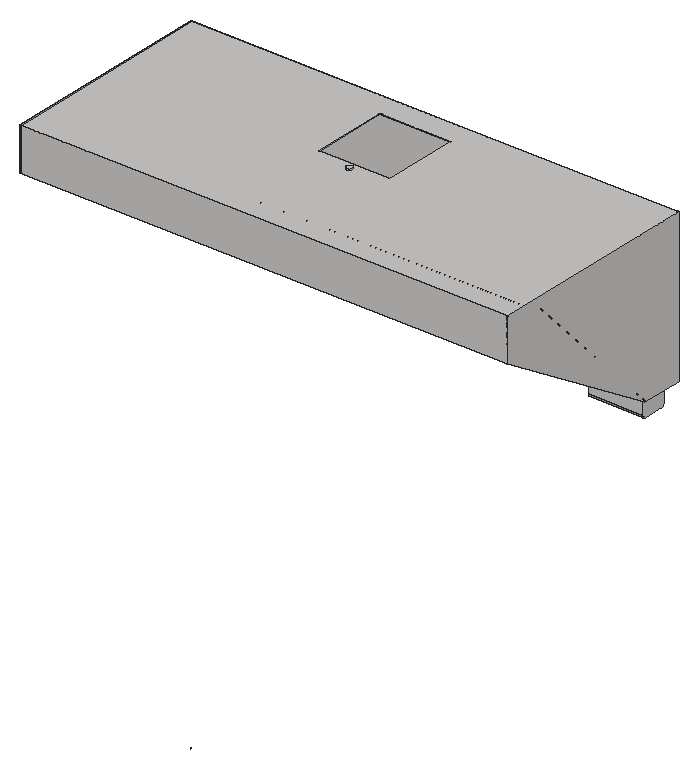
Revit family "QF_ELECTROLUXPROFESSIONAL_644179_AMPV716BT", category Attrezzature speciali, Revit 2021
Family settings
  Quota connettore circolare = Usa diametro
  Tipo di parte = Normale
  Basato su piano di lavoro = No
  Sempre verticale = Sì
  Taglio con vuoti quando caricato = No
  Condiviso = No
  Punto di calcolo locali = No
Parameters (values of type "Standard")
  Weight = 43.00 kg
  Watts = 300 W
  Volts = 220 V
  URL Manufacturer = "https://www.electroluxprofessional.com/"
  URL = "https://www.electroluxprofessional.com/"
  Steam Supply Size = 0 mm
  Steam Supply Minimum Pressure = 0.0 Pa
  Steam Supply Maximum Pressure = 0.0 Pa
  Steam Consumption per Hour = 0
  Refrigeration Suction Line Size = 0 mm
  Refrigeration Liquid Line Size = 0 mm
  Refrigerant Compressor Remote = yes
  Prospetto di default = 0 mm
  Produttore = "Electrolux Professional"
  Phase = 1
  Modello = "AMPV716BT"
  Length Actual = 1600 mm  # constant formula
  Item Number = "644179"
  Hot Water Size = 0 mm
  Height Actual = 500 mm  # constant formula
  HP = "0.4 HP"
  Gas Size = 0 mm
  Gas KW = 0
  Gas Input Pressure = 0 W
  Direct Waste Size = 0 mm
  Descrizione = "430 S/S WALL HOOD+FILTERS+FAN 1600X700MM"
  Depth Actual = 700 mm  # constant formula
  Cycle = 50 Hz
  Condensate Return Size = 0 mm
  Compressed Air Volume = 0.0 L/s
  Compressed Air Size = 0 mm
  Compressed Air Pressure = 0.0 Pa
  Cold Water Size = 0 mm
  Accessory = yes
Reference planes
  plane 1: z = 0
  plane 2 "Center (Left/Right)": x = 150
  plane 3 "LEFT": x = -650
  plane 4 "RIGHT": x = 950
  plane 5 "BACK": y = 550
  plane 6 "Plane": z = 2000
  plane 7 "TOP": z = 2140
  plane 8 "Base": z = 1640
  plane 9: z = 1566
  plane 10 "DrainY": y = 485
  plane 11: x = -647
  plane 12: through (0, 414.509, 1640.8) normal (0, 0.7314, 0.682)
  plane 13: y = 470
  plane 14: y = 220
  plane 15 "DrainX": x = 830
  plane 16: x = 33.5
  plane 17: x = 266.5
  plane 18: x = 947
  plane 19: x = 740
  plane 20: x = 920
  plane 21: x = -450
  plane 22: x = 750
  plane 23: x = -47.5
  plane 24: x = 347.5
  plane 25 "FRONT": y = -150
  plane 26 "Center (Front/Back)": y = 200
Forms (mm)
  Extrusion 1, solid, material "QF_Finishes_Stainless Steel"
    sketch origin (-650, 0, 0) x (0, 1, 0) y (0, 0, 1)
      loop
        line (550, 1640) -> (550, 2140) -> (-150, 2140) -> (-150, 1998.603) -> (413.973, 1640) -> (550, 1640)
    from 0 to 3
  Extrusion 2, solid, material "QF_Finishes_Stainless Steel"
    sketch origin (150, 0, 0) x (0, 1, 0) y (0, 0, 1)
      loop
        line (415.255, 1640) -> (550, 1640) -> (550, 2139.19) -> (549.2, 2139.19) -> (549.2, 1640.8) -> (415.876, 1640.8) -> (339.347, 1722.867) -> (349.609, 1732.436) -> (348.927, 1733.167) -> (337.934, 1722.917) -> (415.255, 1640)
      loop
        line (-82.203, 2139.19) -> (-82.203, 2118.6) -> (-31.047, 2118.6) -> (34.354, 2048.466) -> (46.028, 2059.352) -> (45.346, 2060.083) -> (34.403, 2049.879) -> (-30.612, 2119.6) -> (-81.203, 2119.6) -> (-81.203, 2139.19) -> (-82.203, 2139.19)
    from -797 to 797
  Extrusion 3, solid, material "QF_Finishes_Stainless Steel"
    sketch origin (950, 0, 0) x (0, 1, 0) y (0, 0, 1)
      loop
        line (550, 1640) -> (550, 2140) -> (-150, 2140) -> (-150, 1998.603) -> (413.973, 1640) -> (550, 1640)
    from 0 to -3
  Extrusion 4, solid, material "QF_Finishes_Stainless Steel"
    sketch origin (150, 0, 0) x (0, 1, 0) y (0, 0, 1)
      loop
        line (-150, 2140) -> (-150, 2000) -> (-149.2, 2000) -> (-149.2, 2139.19) -> (550, 2139.19) -> (550, 2140) -> (-150, 2140)
    from -800 to 800
  Extrusion 5, solid, material "QF_Finishes_Stainless Steel"
    sketch origin (150, 0, 0) x (0, 1, 0) y (0, 0, 1)
      loop
        line (534, 1640) -> (436, 1640) -> (436, 1627) -> (443.5, 1627) -> (443.5, 1576)
        arc (443.5, 1576) -> (446.429, 1568.929) -> (453.5, 1566) r 10
        line (453.5, 1566) -> (516.5, 1566)
        arc (516.5, 1566) -> (523.571, 1568.929) -> (526.5, 1576) r 10
        line (526.5, 1576) -> (526.5, 1627) -> (534, 1627) -> (534, 1640)
    from 590 to 770
  Extrusion 6, solid, material "QF_Finishes_Stainless Steel"
    sketch origin (0, 0, 1640) x (0, 1, 0) y (-1, 0, 0)
      loop
        circle (485, -830) r 20
    from -76 to -74
  Extrusion 7, solid, material "QF_Finished_Chrome"
    sketch origin (150, 0, 0) x (0, 1, 0) y (0, 0, 1)
      loop
        line (337.934, 1722.917) -> (341.591, 1726.327) -> (38.011, 2051.876) -> (34.354, 2048.466) -> (337.934, 1722.917)
    from -197.5 to -600
  Extrusion 8, solid, material "QF_Finishes_Stainless Steel"
    sketch origin (150, 0, 0) x (0, 1, 0) y (0, 0, 1)
      loop
        line (337.934, 1722.917) -> (341.591, 1726.327) -> (38.011, 2051.876) -> (34.354, 2048.466) -> (337.934, 1722.917)
    from 797 to 600
  Extrusion 9, solid, material "QF_Finished_Chrome"
    sketch origin (150, 0, 0) x (0, 1, 0) y (0, 0, 1)
      loop
        line (341.588, 1726.324) -> (38.009, 2051.874) -> (34.354, 2048.466) -> (337.934, 1722.917) -> (341.588, 1726.324)
    from 197.5 to 600
  Extrusion 10, void
    sketch origin (0, 0, 2140) x (0, 1, 0) y (-1, 0, 0)
      loop
        line (470, -266.5) -> (470, -33.5) -> (220, -33.5) -> (220, -266.5) -> (470, -266.5)
    from 0 to -10
  Extrusion 11, solid, material "QF_Finishes_Stainless Steel"
    sketch origin (0, 0, 0) x (1, 0, 0) y (0, 1, 0)
      loop
        line (-650, 550) -> (-650, 549) -> (-649, 549) -> (-649, 550) -> (-650, 550)
    from 0 to 1
  Extrusion 12, solid, material "QF_Finishes_Stainless Steel"
    sketch origin (150, 0, 0) x (0, 1, 0) y (0, 0, 1)
      loop
        line (337.934, 1722.917) -> (341.591, 1726.327) -> (38.011, 2051.876) -> (34.354, 2048.466) -> (337.934, 1722.917)
    from -600 to -797
  Extrusion 13, solid, material "QF_Finishes_Stainless Steel"
    sketch origin (150, 0, 0) x (0, 1, 0) y (0, 0, 1)
      loop
        line (337.934, 1722.917) -> (341.591, 1726.327) -> (38.011, 2051.876) -> (34.354, 2048.466) -> (337.934, 1722.917)
    from 197.5 to -197.5
  Extrusion 14, solid, material "QF_Finishes_Stainless Steel"
    sketch origin (0, 0, 2140) x (0, 1, 0) y (-1, 0, 0)
      loop
        circle (200, -150) r 10
    from 0 to 2
Cuts and joins
  Extrusion 10 cuts Extrusion 4
  joined: Extrusion 2, Extrusion 4
Lines and regions (mm)
  reference lines
    curve 1: line (150, 34.354, 2048.466) -> (150, 34.354, 1888.466)
  symbolic lines, style "SpecialityEquipment", detail levels coarse
    curve 2: line (950, 550, 2140) -> (-650, 550, 2140)
    curve 3: line (-650, 550, 2140) -> (-650, -150, 2140)
    curve 4: line (950, -150, 2140) -> (950, 550, 2140)
    curve 5: line (-650, -150, 2140) -> (950, -150, 2140)
    curve 6: line (266.5, 220, 2140) -> (33.5, 220, 2140)
    curve 7: line (266.5, 470, 2140) -> (266.5, 220, 2140)
    curve 8: line (33.5, 470, 2140) -> (266.5, 470, 2140)
    curve 9: line (33.5, 220, 2140) -> (33.5, 470, 2140)
    curve 10: line (-650, -150, 2140) -> (950, 550, 2140)
    curve 11: line (-650, 550, 2140) -> (950, -150, 2140)
Dimensions and locks
  plane 3 "LEFT" to plane 4 "RIGHT" = 1600 mm
  equal spacing: plane 3 "LEFT", plane 2 "Center (Left/Right)", plane 4 "RIGHT"
  locked: plane 6 "Plane" to level at 2000
  plane 7 "TOP" to plane 6 "Plane" = 140 mm
  locked: plane 7 "TOP" to plane 8 "Base" at 500
  plane 8 "Base" to plane 9 = 74 mm
  plane 5 "BACK" to plane 10 "DrainY" = 65 mm  (x2)
  plane 3 "LEFT" to plane 11 = 3 mm
  plane 5 "BACK" to plane 13 = 80 mm
  plane 13 to plane 14 = 250 mm  (x2)
  plane 15 "DrainX" to plane 4 "RIGHT" = 120 mm
  plane 18 to plane 4 "RIGHT" = 3 mm
  locked: plane 19 to plane 15 "DrainX" at 90
  locked: plane 15 "DrainX" to plane 20 at 90
  plane 13 to plane 5 "BACK" = 80 mm
  plane 3 "LEFT" to plane 21 = 200 mm
  plane 22 to plane 4 "RIGHT" = 200 mm
  locked: plane 23 to plane 24 at 395
  equal spacing: plane 23, plane 2 "Center (Left/Right)", plane 24
  locked: plane 16 to plane 17 at 233
  equal spacing: plane 16, plane 2 "Center (Left/Right)", plane 17
  locked: plane 5 "BACK" to plane 25 "FRONT" at 700
  equal spacing: plane 5 "BACK", plane 26 "Center (Front/Back)", plane 25 "FRONT"
  plane 5 "BACK" to plane 25 "FRONT" = 700 mm
  aligned and locked: level to plane 1
  aligned and locked: Extrusion 2 to Extrusion 1
  aligned and locked: Extrusion 2 to Extrusion 3
  aligned and locked: plane 4 "RIGHT" to Extrusion 4
  aligned and locked: Extrusion 4 to plane 3 "LEFT"
  aligned and locked: plane 18 to Extrusion 8
  aligned and locked: Extrusion 10 to plane 16
  aligned and locked: Extrusion 10 to plane 14
  aligned and locked: Extrusion 10 to plane 13
  aligned and locked: Extrusion 2 to Extrusion 4
  aligned and locked: plane 20 to Extrusion 5
  aligned and locked: Extrusion 5 to plane 19
  aligned and locked: Extrusion 8 to plane 22
  aligned and locked: Extrusion 9 to plane 22
  aligned and locked: Extrusion 7 to plane 21
  aligned and locked: Extrusion 12 to plane 11
  aligned and locked: plane 21 to Extrusion 12
  aligned and locked: Extrusion 3 to plane 18
  aligned and locked: Extrusion 10 to plane 17
  aligned and locked: plane 17 to curve 7
  aligned and locked: plane 24 to Extrusion 13
  aligned and locked: Extrusion 13 to plane 23
  aligned and locked: Extrusion 9 to plane 24
Automatic sketch dimensions
  Extrusion 1 sketch curve to plane 8 "Base" = 0 mm
  Extrusion 1 sketch curve to plane 5 "BACK" = 0 mm
  Extrusion 1 sketch curve to plane 7 "TOP" = 0 mm
  plane 13 to Extrusion 1 sketch curve = 56.027 mm
  Extrusion 1 sketch curve to plane 6 "Plane" = 1.397 mm
  Extrusion 2 sketch curve to plane 12 = 0 mm  (x3)
  Extrusion 2 sketch curve to plane 8 "Base" = 0 mm
  plane 12 to Extrusion 2 sketch curve = 0 mm
  Extrusion 2 sketch curve to plane 5 "BACK" = 0 mm
  Extrusion 2 sketch curve to Extrusion 2 sketch curve = 65.646 mm
  Extrusion 2 sketch curve to Extrusion 2 sketch curve = 0.682 mm  (x2)
  Extrusion 2 sketch curve to Extrusion 2 sketch curve = 10.261 mm
  plane 8 "Base" to Extrusion 2 sketch curve = 82.917 mm
  Extrusion 2 sketch curve to Extrusion 2 sketch curve = 10.942 mm
  Extrusion 2 sketch curve to Extrusion 2 sketch curve = 0.049 mm
  Extrusion 2 sketch curve to plane 7 "TOP" = 20.4 mm
  Extrusion 2 sketch curve to plane 7 "TOP" = 21.4 mm
  Extrusion 2 sketch curve to plane 7 "TOP" = 0.81 mm  (x2)
  Extrusion 2 sketch curve to Extrusion 2 sketch curve = 50.156 mm
  Extrusion 2 sketch curve to Extrusion 2 sketch curve = 1 mm
  plane 8 "Base" to Extrusion 2 sketch curve = 0.8 mm
  Extrusion 2 sketch curve to plane 5 "BACK" = 0.8 mm
  Extrusion 4 sketch curve to plane 6 "Plane" = 0 mm
  Extrusion 4 sketch curve to plane 5 "BACK" = 0 mm
  Extrusion 4 sketch curve to plane 7 "TOP" = 0 mm
  Extrusion 4 sketch curve to plane 7 "TOP" = 0.81 mm
  curve 1 to plane 12 = 0 mm
  curve 1 to plane 6 "Plane" = 111.534 mm
  Extrusion 5 sketch curve to plane 8 "Base" = 0 mm
  Extrusion 5 sketch curve to plane 9 = 0 mm
  Extrusion 5 sketch curve to plane 8 "Base" = 13 mm  (x2)
  plane 13 to Extrusion 5 sketch curve = 34 mm
  Extrusion 5 sketch curve to Extrusion 5 sketch curve = 7.5 mm  (x2)
  Extrusion 5 sketch curve to Extrusion 5 sketch curve = 10 mm
  plane 10 "DrainY" to Extrusion 5 sketch curve = 31.5 mm
  Extrusion 5 sketch curve to plane 5 "BACK" = 23.5 mm
  Extrusion 6 sketch curve to plane 10 "DrainY" = 0 mm
  Extrusion 6 sketch curve to plane 15 "DrainX" = 0 mm
  Extrusion 7 sketch curve to plane 12 = 0 mm  (x2)
  Extrusion 7 sketch curve to Extrusion 7 sketch curve = 3.657 mm
  plane 8 "Base" to Extrusion 7 sketch curve = 82.917 mm
  Extrusion 8 sketch curve to plane 12 = 0 mm  (x2)
  Extrusion 8 sketch curve to Extrusion 8 sketch curve = 3.657 mm
  plane 8 "Base" to Extrusion 8 sketch curve = 82.917 mm
  Extrusion 9 sketch curve to plane 12 = 0 mm  (x2)
  Extrusion 9 sketch curve to Extrusion 9 sketch curve = 3.655 mm
  plane 8 "Base" to Extrusion 9 sketch curve = 82.917 mm
  Extrusion 10 sketch curve to plane 14 = 0 mm
  plane 13 to Extrusion 10 sketch curve = 0 mm
  Extrusion 10 sketch curve to plane 17 = 0 mm
  Extrusion 10 sketch curve to plane 16 = 0 mm
  Extrusion 11 sketch curve to plane 3 "LEFT" = 0 mm
  Extrusion 11 sketch curve to plane 5 "BACK" = 0 mm
  plane 3 "LEFT" to Extrusion 11 sketch curve = 1 mm
  Extrusion 11 sketch curve to Extrusion 11 sketch curve = 1 mm
  Extrusion 12 sketch curve to plane 12 = 0 mm  (x2)
  Extrusion 12 sketch curve to Extrusion 12 sketch curve = 3.657 mm
  plane 8 "Base" to Extrusion 12 sketch curve = 82.917 mm
  Extrusion 13 sketch curve to plane 12 = 0 mm  (x2)
  Extrusion 13 sketch curve to Extrusion 13 sketch curve = 3.657 mm
  plane 8 "Base" to Extrusion 13 sketch curve = 82.917 mm
  Extrusion 4 sketch curve to Extrusion 4 sketch curve = 0.8 mm
  Extrusion 1 sketch curve to plane 14 = 370 mm
  plane 6 "Plane" to Extrusion 2 sketch curve = 48.466 mm
  Extrusion 4 sketch curve to plane 14 = 369.2 mm
  curve 1 to plane 14 = 185.646 mm
  plane 6 "Plane" to Extrusion 7 sketch curve = 51.876 mm
  plane 6 "Plane" to Extrusion 8 sketch curve = 51.876 mm
  plane 6 "Plane" to Extrusion 9 sketch curve = 51.874 mm
  plane 6 "Plane" to Extrusion 12 sketch curve = 51.876 mm
  plane 6 "Plane" to Extrusion 13 sketch curve = 51.876 mm
  Extrusion 3 sketch curve to plane 7 "TOP" = 0 mm
  Extrusion 3 sketch curve to plane 8 "Base" = 0 mm
  Extrusion 3 sketch curve to plane 5 "BACK" = 0 mm
  Extrusion 3 sketch curve to plane 25 "FRONT" = 0 mm
  plane 13 to Extrusion 3 sketch curve = 56.027 mm
  Extrusion 3 sketch curve to plane 6 "Plane" = 1.397 mm
  Extrusion 14 sketch curve to plane 2 "Center (Left/Right)" = 0 mm
  Extrusion 14 sketch curve to plane 26 "Center (Front/Back)" = 0 mm
  curve 11 to plane 4 "RIGHT" = 0 mm
  curve 10 to plane 3 "LEFT" = 0 mm
  curve 10 to plane 25 "FRONT" = 0 mm
  curve 7 to plane 14 = 0 mm
  plane 13 to curve 7 = 0 mm
  curve 3 to plane 5 "BACK" = 0 mm
  curve 6 to plane 16 = 0 mm
  radius of Extrusion 6 sketch curve = 20 mm
  radius of Extrusion 14 sketch curve = 10 mm
Connectors
  piping at (830, 485, 1564), diameter 20
    settings: on Extrusion 6, index 1, connector inside diameter 609.6 mm, connector length 0 mm, flow factor 0, pipe flow 0.0 L/s, pressure drop 0.0 Pa, fitting loss kfactor 0, connector angle 0.00°, fixture units 0, engagement length 0 mm, angle of deflection 0.00°, flow configuration 1, flow direction 2, fitting loss method 0, system type 16, joint type 0, gender type 0, connector reference index -1, connector utility 0, adjustable connector no, is connector primary yes, connector description "Drain"
  hvac at (150, 345, 2140)
    settings: on Extrusion 10, index 2, duct flow 0.0 L/s, flow factor 0, pres drop 0.0 Pa, loss coef 0, conn angle 0.00°, conn width 250 mm, conn height 233 mm, conn diameter 609.6 mm, duct sys type 3, conn prof type 1, flow config 1, flow direction 2, loss method 0, conn ref index -1, conn util no, is conn primary yes, conn desc "EXHAUST OUTLET"
  electrical at (150, 200, 2142), driven by "Volts"
    settings: on Extrusion 14, index 3, voltage 220 V, apparent load 0 VA, apparent load phase1 0 VA, apparent load phase2 0 VA, apparent load phase3 0 VA, power factor 1, load classification "Other", number of poles 1, system type 31, power factor state 1, is connector primary yes, connector utility no, sub classification motor no, connector description "Electrical Connection"
